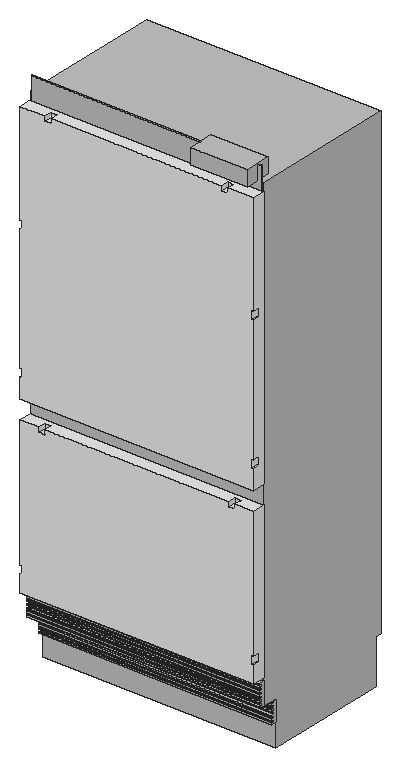
Revit family "FP_Revit_18_RS9120WRJ1_Fridge_90001179A", category Specialty Equipment, Revit 2018
Family settings
  Round Connector Dimension = Use Diameter
  Part Type = Normal
  OmniClass Number = 23.40.40.11.11.17
  OmniClass Title = Refrigerator-Freezer
  Work Plane-Based = No
  Always vertical = Yes
  Cut with Voids When Loaded = Yes
  Shared = No
  Room Calculation Point = No
Parameters
  Visibility - Visibility Control Note = yes
  Visibility - Clearance Required = yes
  URL = "www.fisherpaykel.com"
  Stainless Steel Door Panels (RD9120WR) = no
  Product - Width = 906 mm  # constant formula
  Product - Height = 2028 mm  # constant formula
  Product - Depth = 606 mm  # constant formula
  Model = "RS9120WRJ1"
  Material - Door Structure = Fisher & Paykel - White
  Material - Door Front = Fisher & Paykel - Stainless Steel
  Material - Body = Fisher & Paykel - Grey
  Manufacturer = "Fisher & Paykel Appliances"
  Handle Style - Contemporary Square Fine Black (AHD5RD9120WB) = no
  Handle Style - Contemporary Square Fine (AHD5RD9120W) = no
  Handle Style - Contemporary Square (RS91W) = no
  Handle Style - Contemporary Round (25339 AHS-ASBI-B) = no
  Handle Offset = 870 mm  # constant formula
  Description = "91cm Integrated Refrigerator Freezer, Ice"
  Connector Description - Water = "13mm or 19mm BSP threaded water connection 6.35mm tubing"
  Connector Description - Electrical = "230 V, 50Hz, 10 A, fused electrical supply"
  Chassis - Width = 890 mm  # constant formula
  Chassis - Height = 1970 mm  # constant formula
  Chassis - Depth = 606 mm  # constant formula
  Cavity - Width = 914 mm  # constant formula
  Cavity - Height = 2032 mm  # constant formula
  Cavity - Depth = 635 mm  # constant formula
Reference planes
  plane 1 "Datum": y = 0
  plane 2: z = 0
  plane 3 "Center (Left/Right)": x = 0
  plane 4 "Cavity - Depth": y = 635
  plane 5 "Product - Depth": y = 606
  plane 6 "Cavity - Height": z = 2032
  plane 7 "Door Panel 18mm": y = -18
  plane 8 "Product - RHS": x = 453
  plane 9 "Product - LHS": x = -453
  plane 10 "Product - Height": z = 2028
  plane 11 "Cavity - RHS": x = 457
  plane 12 "Cavity - LHS": x = -457
  plane 13 "Handle Offset": x = -388
Forms (mm)
  Extrusion 1, solid, material "Fisher & Paykel - Clearance Required", visible <- "Visibility - Clearance Required", detail levels coarse
    sketch origin (0, 0, 0) x (1, 0, 0) y (0, 1, 0)
      loop
        line (-457, 635) -> (-457, 0) -> (457, 0) -> (457, 635) -> (-457, 635)
    from 0 to 2032
  Extrusion 2, solid, material "Fisher & Paykel - Clearance Required", visible <- "Visibility - Clearance Required", detail levels coarse
    sketch origin (0, 0, 0) x (1, 0, 0) y (0, 1, 0)
      loop
        arc (-453, -18) -> (-45.989, -808.668) -> (841.563, -864.024) r 900.279
        line (841.563, -864.024) -> (817.765, -812.207) -> (854.623, -795.279) -> (848.228, -781.355) -> (811.37, -798.283) -> (453, -18) -> (-453, -18)
    from 877.998 to 2032
  Extrusion 3, solid, material "Fisher & Paykel - White" <- "Material - Door Structure"
    sketch origin (0, 0, 0) x (1, 0, 0) y (0, 0, 1)
      loop
        line (-445, 1939.998) -> (-445, 938.998) -> (445, 938.998) -> (445, 1939.998) -> (-445, 1939.998)
      loop
        line (-445, 867.998) -> (-445, 276.998) -> (445, 276.998) -> (445, 867.998) -> (-445, 867.998)
    from -50 to 0
  Extrusion 4, solid, material "Fisher & Paykel - Grey" <- "Material - Body"
    sketch origin (0, 0, 0) x (0, 1, 0) y (0, 0, 1)
      loop
        line (50, 181.998) -> (106, 181.998) -> (106, 12.998) -> (584, 12.998) -> (584, 181.998) -> (606, 181.998) -> (606, 1970) -> (50, 1970) -> (50, 181.998)
    from -445 to 445
  Extrusion 5, solid, material "Fisher & Paykel - Grey" <- "Material - Body", detail levels fine
    sketch origin (0, 0, 0) x (0, 1, 0) y (0, 0, 1)
      loop
        line (106, 176.998) -> (96, 176.998) -> (96, 170.998) -> (88, 170.998) -> (88, 165.998) -> (96, 165.998) -> (96, 157.998) -> (88, 157.998) -> (88, 152.998) -> (96, 152.998) -> (96, 144.998) -> (88, 144.998) -> (88, 139.998) -> (96, 139.998) -> (96, 131.998) -> (88, 131.998) -> (88, 126.998) -> (96, 126.998) -> (96, 118.998) -> (88, 118.998) -> (88, 113.998) -> (96, 113.998) -> (96, 105.998) -> (88, 105.998) -> (88, 100.998) -> (106, 100.998) -> (106, 176.998)
      loop
        line (32, 265.998) -> (32, 259.998) -> (40, 259.998) -> (40, 251.998) -> (32, 251.998) -> (32, 246.998) -> (40, 246.998) -> (40, 238.998) -> (32, 238.998) -> (32, 233.998) -> (40, 233.998) -> (40, 225.998) -> (32, 225.998) -> (32, 220.998) -> (40, 220.998) -> (40, 212.998) -> (32, 212.998) -> (32, 207.998) -> (40, 207.998) -> (40, 199.998) -> (32, 199.998) -> (32, 194.998) -> (40, 194.998) -> (40, 186.998) -> (32, 186.998) -> (32, 181.998) -> (50, 181.998) -> (50, 265.998) -> (32, 265.998)
    from -445 to 445
  Extrusion 6, void
    sketch origin (0, 0, 0) x (1, 0, 0) y (0, 0, 1)
      loop
        line (-373.5, 867.998) -> (-373.5, 851.998) -> (-350.5, 851.998) -> (-350.5, 867.998) -> (-373.5, 867.998)
      loop
        line (350.5, 867.998) -> (350.5, 851.998) -> (373.5, 851.998) -> (373.5, 867.998) -> (350.5, 867.998)
      loop
        line (445, 372.998) -> (437.8, 372.998) -> (437.8, 342.998) -> (445, 342.998) -> (445, 372.998)
      loop
        line (326.25, 1939.998) -> (326.25, 1923.398) -> (349.25, 1923.398) -> (349.25, 1939.998) -> (326.25, 1939.998)
      loop
        line (-349.25, 1939.998) -> (-349.25, 1923.398) -> (-326.184, 1923.398) -> (-326.184, 1939.998) -> (-349.25, 1939.998)
      loop
        line (445, 1522.498) -> (445, 1552.498) -> (437.8, 1552.498) -> (437.8, 1522.498) -> (445, 1522.498)
      loop
        line (437.8, 1044.998) -> (437.8, 1014.998) -> (445, 1014.998) -> (445, 1044.998) -> (437.8, 1044.998)
      loop
        line (-445, 372.998) -> (-445, 342.998) -> (-437.8, 342.998) -> (-437.8, 372.998) -> (-445, 372.998)
      loop
        line (-445, 1522.498) -> (-437.8, 1522.498) -> (-437.8, 1552.498) -> (-445, 1552.498) -> (-445, 1522.498)
      loop
        line (-437.8, 1044.998) -> (-445, 1044.998) -> (-445, 1014.998) -> (-437.8, 1014.998) -> (-437.8, 1044.998)
    from -27.955 to 0
  Extrusion 7, solid, material "Fisher & Paykel - Grey" <- "Material - Body", detail levels medium+fine
    sketch origin (0, 0, 0) x (1, 0, 0) y (0, 0, 1)
      loop
        line (205, 2027.998) -> (205, 1969.998) -> (422, 1969.998) -> (422, 2027.998) -> (205, 2027.998)
    from -98 to 0
  Extrusion 8, solid, material "Fisher & Paykel - Grey" <- "Material - Body", detail levels medium+fine
    sketch origin (0, 0, 0) x (1, 0, 0) y (0, 0, 1)
      loop
        line (439, 2027.998) -> (422, 2027.998) -> (422, 1969.998) -> (205, 1969.998) -> (205, 2027.998) -> (-439, 2027.998) -> (-439, 1939.998) -> (439, 1939.998) -> (439, 2027.998)
    from -48 to -46
  Extrusion 9, solid, material "Fisher & Paykel - Stainless Steel" <- "Material - Door Front", visible <- "Stainless Steel Door Panels (RD9120WR)"
    sketch origin (0, 0, 0) x (1, 0, 0) y (0, 0, 1)
      loop
        line (-453, 2027.998) -> (-453, 877.998) -> (453, 877.998) -> (453, 2027.998) -> (-453, 2027.998)
      loop
        line (453, 873.998) -> (-453, 873.998) -> (-453, 101.998) -> (453, 101.998) -> (453, 873.998)
    from 0 to 18
  Extrusion 10, solid, material "Fisher & Paykel - Clearance Required", visible <- "Visibility - Clearance Required", detail levels coarse
    sketch origin (0, 0, 0) x (0, 1, 0) y (0, 0, 1)
      loop
        line (-18, 873.998) -> (-382, 873.998) -> (-382, 808.976) -> (-424, 808.976) -> (-424, 792.976) -> (-382, 792.976) -> (-382, 101.998) -> (-18, 101.998) -> (-18, 873.998)
    from -457 to 457
  Extrusion 11, solid, material "Fisher & Paykel - Grey" <- "Material - Body", detail levels medium+fine
    sketch origin (0, 0, 0) x (0, 1, 0) y (0, 0, 1)
      loop
        arc (115.288, 12.998) -> (136, 0) -> (156.712, 12.998) r 23.002
        line (156.712, 12.998) -> (115.288, 12.998)
      loop
        arc (518.288, 12.998) -> (539, 0) -> (559.712, 12.998) r 23.002
        line (559.712, 12.998) -> (518.288, 12.998)
    from 401.5 to 428.5
  Extrusion 12, solid, material "Fisher & Paykel - Grey" <- "Material - Body", detail levels medium+fine
    sketch origin (0, 0, 0) x (0, 1, 0) y (0, 0, -1)
      loop
        line (115.288, -12.998) -> (156.712, -12.998)
        arc (156.712, -12.998) -> (136, 0) -> (115.288, -12.998) r 23.002
      loop
        line (518.288, -12.998) -> (559.712, -12.998)
        arc (559.712, -12.998) -> (539, 0) -> (518.288, -12.998) r 23.002
    from 401.5 to 428.5
  Extrusion 13, solid, material "Fisher & Paykel - Grey" <- "Material - Body", detail levels medium+fine
    sketch origin (0, 0, 0) x (1, 0, 0) y (0, 0, 1)
      loop
        circle (300, 75) r 4
      loop
        circle (-300, 75) r 4
    from -606 to -584
  Extrusion 14, void
    sketch origin (0, 0, 0) x (1, 0, 0) y (0, 1, 0)
      loop
        line (-457, 0) -> (-457, -18) -> (457, -18) -> (457, 0) -> (-457, 0)
    from 0 to 2032
  Extrusion 15, void
    sketch origin (0, 0, 0) x (1, 0, 0) y (0, 1, 0)
      loop
        line (-457, 635) -> (-457, 0) -> (457, 0) -> (457, 635) -> (-457, 635)
    from 0 to 2032
Cuts and joins
  Extrusion 6 cuts Extrusion 2
  Extrusion 6 cuts Extrusion 3
Lines and regions (mm)
  model lines, style "Fisher & Paykel"
    curve 1: line (-453, 0, 2027.998) -> (453, 0, 2027.998)
    curve 2: line (-453, 0, 877.998) -> (-453, 0, 2027.998)
    curve 3: line (453, 0, 877.998) -> (-453, 0, 877.998)
    curve 4: line (453, 0, 2027.998) -> (453, 0, 877.998)
    curve 5: line (453, 0, 873.998) -> (-453, 0, 873.998)
    curve 6: line (453, 0, 101.998) -> (453, 0, 873.998)
    curve 7: line (-453, 0, 101.998) -> (453, 0, 101.998)
    curve 8: line (-453, 0, 873.998) -> (-453, 0, 101.998)
  model lines, style "Fisher & Paykel", not visible
    curve 9: line (-453, 0, 2027.998) -> (453, 0, 2027.998)
    curve 10: line (-453, 0, 877.998) -> (-453, 0, 2027.998)
    curve 11: line (453, 0, 877.998) -> (-453, 0, 877.998)
    curve 12: line (453, 0, 2027.998) -> (453, 0, 877.998)
    curve 13: line (453, 0, 873.998) -> (-453, 0, 873.998)
    curve 14: line (453, 0, 101.998) -> (453, 0, 873.998)
    curve 15: line (-453, 0, 101.998) -> (453, 0, 101.998)
    curve 16: line (-453, 0, 873.998) -> (-453, 0, 101.998)
Text (mm)
  text "Due to ongoing product development, product details are subject to change without notice. \nPlease always refer to www.fisherpaykel.com for the most current product information. \n© Fisher & Paykel 2020" at (41.04, -623.295, 0), in view "Ref. Level (Plan)"
Dimensions and locks
  "Chassis - Width": Extrusion 4 to Extrusion 4
  equal spacing: plane 9 "Product - LHS", plane 3 "Center (Left/Right)", plane 8 "Product - RHS"
  "Product - Width": plane 9 "Product - LHS" to plane 8 "Product - RHS"
  "Cavity - Height": plane 6 "Cavity - Height" to level
  "Product - Height": plane 10 "Product - Height" to level
  equal spacing: plane 12 "Cavity - LHS", plane 3 "Center (Left/Right)", plane 11 "Cavity - RHS"
  "Cavity - Width": plane 12 "Cavity - LHS" to plane 11 "Cavity - RHS"
  "Chassis - Depth": plane 5 "Product - Depth" to plane 1 "Datum"
  "Cavity - Depth": plane 4 "Cavity - Depth" to plane 1 "Datum"
  plane 5 "Product - Depth" to plane 7 "Door Panel 18mm" = 624 mm
  locked: plane 7 "Door Panel 18mm" to plane 1 "Datum" at 18
  plane 13 "Handle Offset" to plane 9 "Product - LHS" = 65 mm
  "Chassis - Height": Extrusion 4 to level
  aligned and locked: level to plane 2
  aligned and locked: plane 6 "Cavity - Height" to Extrusion 1
  aligned and locked: Extrusion 8 sketch curve to Extrusion 8 sketch curve
Automatic sketch dimensions
  plane 1 "Datum" to Extrusion 1 sketch curve = 0 mm
  Extrusion 1 sketch curve to plane 12 "Cavity - LHS" = 0 mm
  Extrusion 1 sketch curve to plane 11 "Cavity - RHS" = 0 mm
  Extrusion 1 sketch curve to plane 4 "Cavity - Depth" = 0 mm
  Extrusion 2 sketch curve to plane 7 "Door Panel 18mm" = 0 mm
  plane 9 "Product - LHS" to Extrusion 2 sketch curve = 0 mm
  Extrusion 2 sketch curve to plane 8 "Product - RHS" = 6.483 mm
  plane 8 "Product - RHS" to Extrusion 2 sketch curve = 0 mm
  plane 11 "Cavity - RHS" to Extrusion 2 sketch curve = 354.37 mm
  Extrusion 2 sketch curve to Extrusion 2 sketch curve = 6.395 mm  (x2)
  Extrusion 2 sketch curve to Extrusion 2 sketch curve = 23.799 mm
  Extrusion 2 sketch curve to Extrusion 2 sketch curve = 36.858 mm
  Extrusion 2 sketch curve to plane 7 "Door Panel 18mm" = 37.049 mm
  Extrusion 3 sketch curve to plane 9 "Product - LHS" = 8 mm  (x2)
  Extrusion 3 sketch curve to plane 8 "Product - RHS" = 8 mm  (x2)
  level to Extrusion 3 sketch curve = 276.998 mm
  Extrusion 3 sketch curve to Extrusion 3 sketch curve = 591 mm
  Extrusion 3 sketch curve to Extrusion 3 sketch curve = 71 mm
  Extrusion 3 sketch curve to plane 10 "Product - Height" = 88.002 mm
  Extrusion 4 sketch curve to plane 5 "Product - Depth" = 0 mm
  Extrusion 4 sketch curve to plane 5 "Product - Depth" = 22 mm
  level to Extrusion 4 sketch curve = 12.998 mm
  Extrusion 4 sketch curve to plane 1 "Datum" = 106 mm
  Extrusion 4 sketch curve to plane 1 "Datum" = 50 mm
  Extrusion 4 sketch curve to Extrusion 4 sketch curve = 169 mm  (x2)
  Extrusion 4 sketch curve to plane 10 "Product - Height" = 58 mm
  Extrusion 5 sketch curve to plane 1 "Datum" = 32 mm  (x2)
  Extrusion 5 sketch curve to Extrusion 5 sketch curve = 0 mm  (x19)
  Extrusion 5 sketch curve to Extrusion 5 sketch curve = 8 mm  (x14)
  Extrusion 5 sketch curve to Extrusion 5 sketch curve = 10 mm  (x2)
  Extrusion 5 sketch curve to Extrusion 5 sketch curve = 38 mm
  level to Extrusion 5 sketch curve = 100.998 mm
  Extrusion 5 sketch curve to Extrusion 5 sketch curve = 5 mm  (x12)
  Extrusion 5 sketch curve to Extrusion 5 sketch curve = 6 mm  (x2)
  Extrusion 5 sketch curve to Extrusion 5 sketch curve = 11 mm
  Extrusion 6 sketch curve to plane 9 "Product - LHS" = 8 mm  (x3)
  Extrusion 6 sketch curve to Extrusion 6 sketch curve = 7.2 mm  (x6)
  plane 13 "Handle Offset" to Extrusion 6 sketch curve = 14.5 mm
  Extrusion 6 sketch curve to Extrusion 6 sketch curve = 23 mm  (x3)
  plane 13 "Handle Offset" to Extrusion 6 sketch curve = 38.75 mm
  Extrusion 6 sketch curve to Extrusion 6 sketch curve = 23.066 mm
  Extrusion 6 sketch curve to plane 8 "Product - RHS" = 126.75 mm
  Extrusion 6 sketch curve to plane 8 "Product - RHS" = 102.5 mm
  Extrusion 6 sketch curve to plane 8 "Product - RHS" = 15.2 mm  (x3)
  level to Extrusion 6 sketch curve = 342.998 mm  (x2)
  Extrusion 6 sketch curve to Extrusion 6 sketch curve = 30 mm  (x6)
  Extrusion 6 sketch curve to Extrusion 6 sketch curve = 479 mm  (x2)
  Extrusion 6 sketch curve to Extrusion 6 sketch curve = 16 mm  (x2)
  Extrusion 6 sketch curve to Extrusion 6 sketch curve = 147 mm  (x2)
  Extrusion 6 sketch curve to Extrusion 6 sketch curve = 477.5 mm  (x2)
  Extrusion 6 sketch curve to plane 10 "Product - Height" = 104.602 mm  (x2)
  Extrusion 6 sketch curve to Extrusion 6 sketch curve = 16.6 mm  (x2)
  Extrusion 7 sketch curve to plane 10 "Product - Height" = 58.002 mm
  plane 3 "Center (Left/Right)" to Extrusion 7 sketch curve = 205 mm
  Extrusion 7 sketch curve to plane 8 "Product - RHS" = 31 mm
  Extrusion 7 sketch curve to plane 10 "Product - Height" = 0.002 mm
  Extrusion 8 sketch curve to plane 9 "Product - LHS" = 14 mm
  Extrusion 8 sketch curve to plane 10 "Product - Height" = 0.002 mm
  plane 3 "Center (Left/Right)" to Extrusion 8 sketch curve = 205 mm
  Extrusion 8 sketch curve to plane 8 "Product - RHS" = 31 mm
  Extrusion 8 sketch curve to plane 8 "Product - RHS" = 14 mm
  Extrusion 8 sketch curve to Extrusion 8 sketch curve = 58 mm
  Extrusion 8 sketch curve to Extrusion 8 sketch curve = 88 mm
  plane 9 "Product - LHS" to Extrusion 9 sketch curve = 0 mm  (x2)
  plane 8 "Product - RHS" to Extrusion 9 sketch curve = 0 mm  (x2)
  level to Extrusion 9 sketch curve = 101.998 mm
  Extrusion 9 sketch curve to Extrusion 9 sketch curve = 772 mm
  Extrusion 9 sketch curve to Extrusion 9 sketch curve = 4 mm
  Extrusion 9 sketch curve to plane 10 "Product - Height" = 0.002 mm
  Extrusion 10 sketch curve to plane 7 "Door Panel 18mm" = 0 mm
  Extrusion 10 sketch curve to Extrusion 10 sketch curve = 364 mm
  Extrusion 10 sketch curve to Extrusion 10 sketch curve = 0 mm
  Extrusion 10 sketch curve to Extrusion 10 sketch curve = 42 mm
  level to Extrusion 10 sketch curve = 101.998 mm
  Extrusion 10 sketch curve to Extrusion 10 sketch curve = 690.978 mm
  Extrusion 10 sketch curve to Extrusion 10 sketch curve = 16 mm
  Extrusion 10 sketch curve to Extrusion 10 sketch curve = 65.022 mm
  level to Extrusion 11 sketch curve = 12.998 mm  (x2)
  Extrusion 11 sketch curve to plane 1 "Datum" = 115.288 mm
  Extrusion 11 sketch curve to Extrusion 11 sketch curve = 20.712 mm  (x2)
  Extrusion 11 sketch curve to plane 5 "Product - Depth" = 87.712 mm
  level to Extrusion 11 sketch curve = 23.002 mm  (x2)
  level to Extrusion 12 sketch curve = 12.998 mm  (x2)
  Extrusion 12 sketch curve to plane 1 "Datum" = 115.288 mm
  Extrusion 12 sketch curve to Extrusion 12 sketch curve = 20.712 mm  (x2)
  Extrusion 12 sketch curve to plane 5 "Product - Depth" = 87.712 mm
  level to Extrusion 12 sketch curve = 23.002 mm  (x2)
  plane 13 "Handle Offset" to Extrusion 13 sketch curve = 88 mm
  level to Extrusion 13 sketch curve = 75 mm  (x2)
  Extrusion 13 sketch curve to plane 8 "Product - RHS" = 153 mm
  Extrusion 14 sketch curve to plane 7 "Door Panel 18mm" = 0 mm
  Extrusion 14 sketch curve to plane 12 "Cavity - LHS" = 0 mm
  Extrusion 14 sketch curve to plane 11 "Cavity - RHS" = 0 mm
  plane 1 "Datum" to Extrusion 14 sketch curve = 0 mm
  plane 1 "Datum" to Extrusion 15 sketch curve = 0 mm
  Extrusion 15 sketch curve to plane 12 "Cavity - LHS" = 0 mm
  Extrusion 15 sketch curve to plane 11 "Cavity - RHS" = 0 mm
  Extrusion 15 sketch curve to plane 4 "Cavity - Depth" = 0 mm
  radius of Extrusion 13 sketch curve = 4 mm  (x2)
Nested families
  nested 1: "F&P Handle Kit - Contemporary Square - Horizontal" at (0, -18, 800.998), visible <- "Handle Style - Contemporary Square (RS91W)", type "RS91W - Contemporary square handle (2 of 2) (Horizontal) 727mm"
  nested 2: "F&P Handle Kit - Contemporary Square - Vertical" at (-388.02, -18, 1306.498), visible <- "Handle Style - Contemporary Square (RS91W)", type "RS91W - Contemporary square handle (1 of 2) (Vertical) 727mm"
  nested 3: "F&P Handle Kit - Contemporary Square Fine - Horizontal" at (0, -18, 801.002), visible <- "Handle Style - Contemporary Square Fine (AHD5RD9120W)", type "AHD5RD9120W - Contemporary square fine handle (2 of 2) (Horizontal) 746mm"
  nested 4: "F&P Handle Kit - Contemporary Square Fine - Vertical" at (-388.02, -18, 1306.498), visible <- "Handle Style - Contemporary Square Fine (AHD5RD9120W)", type "AHD5RD9120W - Contemporary square fine handle (1 of 2) (Vertical) 727mm"
  nested 5: "F&P Handle Kit - Contemporary Square Fine - Horizontal" at (0, -18, 801.002), visible <- "Handle Style - Contemporary Square Fine Black (AHD5RD9120WB)", type "AHD5RD9120WB - Contemporary square fine handle (2 of 2) (Horizontal) 746mm"
  nested 6: "F&P Handle Kit - Contemporary Square Fine - Vertical" at (-388.02, -18, 1306.498), visible <- "Handle Style - Contemporary Square Fine Black (AHD5RD9120WB)", type "AHD5RD9120WB - Contemporary square fine handle (1 of 2) (Vertical) 727mm"
  nested 7: "F&P Handle Kit - Contemporary Round - Horizontal" at (0, -18, 801.002), visible <- "Handle Style - Contemporary Round (25339 AHS-ASBI-B)", type "25339 AHS-ASBI-B - Contemporary round handle (2 of 2) (Horizontal) 746mm"
  nested 8: "F&P Handle Kit - Contemporary Round - Vertical" at (-388.02, -18, 1306.498), visible <- "Handle Style - Contemporary Round (25339 AHS-ASBI-B)", type "25339 AHS-ASBI-B - Contemporary round handle (1 of 2) (Vertical) 727mm"
  nested 9: "Visibility Control Note 18" at (0, 0, 0), visible <- "Visibility - Visibility Control Note", type "Visibility Control Note 18"
Connectors
  electrical at (300, 606, 75), driven by "Connector Description - Electrical"
    settings: on Extrusion 13, index 1, voltage 230 V, apparent load 0 VA, apparent load phase1 0 VA, apparent load phase2 0 VA, apparent load phase3 0 VA, power factor 1, load classification "Other", number of poles 1, system type 30, power factor state 1, is connector primary yes, connector utility no, sub classification motor no, connector description "230 V, 50Hz, 10 A, fused electrical supply"
  piping at (-300, 606, 75), diameter 6, driven by "Connector Description - Water"
    settings: on Extrusion 13, index 2, connector inside diameter 609.6 mm, connector length 0 mm, flow factor 0, pipe flow 0.0 L/s, pressure drop 0.0 Pa, fitting loss kfactor 0, connector angle 0.00°, fixture units 0, engagement length 0 mm, angle of deflection 0.00°, flow configuration 0, flow direction 1, fitting loss method 0, system type 20, joint type 0, gender type 0, connector reference index -1, connector utility 0, adjustable connector no, is connector primary yes, connector description "13mm or 19mm BSP threaded water connection 6.35mm tubing"
Definition of nested family "F&P Handle Kit - Contemporary Square - Horizontal"
  Parameters (values of type "RS91W - Contemporary square handle (2 of 2) (Horizontal) 727mm")
    URL = "www.fisherpaykel.com"
    Material - Handle = none
    Manufacturer = "Fisher & Paykel Appliances"
    Handle - Length = 727 mm
  Types (12, lengths in mm): name | Handle - Length
    (no name) | 727
    AHD3RD2484W - Contemporary square handle (2 of 2) (Horizontal) 494mm | 494
    AHD3RD3084W - Contemporary square handle (2 of 2) (Horizontal) 646mm | 646
    AHD3RS3272A - Contemporary square handle (2 of 2) (Horizontal) 646mm | 646
    AHD3RS80A - Contemporary square handle (2 of 2) (Horizontal) 646mm | 646
    AHD3RD6121W - Contemporary square handle (2 of 2) (Horizontal) 494mm | 494
    AHD3RD7621W - Contemporary square handle (2 of 2) (Horizontal) 646mm | 646
    RS36A - Contemporary square handle (2 of 2) (Horizontal) 746mm | 746
    RS90A - Contemporary square handle (2 of 2) (Horizontal) 746mm | 746
    RS36W - Contemporary square handle (2 of 2) (Horizontal) 727mm | 727
    RS36WC - Contemporary square handle (2 of 2) (Horizontal) 727mm | 727
    RS91W - Contemporary square handle (2 of 2) (Horizontal) 727mm | 727
  Reference planes
    plane 1 "Center (Front/Back)": y = 0
    plane 2: z = 0
    plane 3 "Center (Left/Right)": x = 0
    plane 4 "Product LHS": x = -363.5
    plane 5 "Product RHS": x = 363.5
    plane 6 "LHS Standoff": x = -243.495
    plane 7 "RHS Standoff": x = 243.505
  Forms (mm)
    Extrusion 1, solid, material <- "Material - Handle", detail levels fine
      sketch origin (0, 0, 0) x (0, 1, 0) y (0, 0, 1)
        loop
          arc (-28.701, 7.561) -> (-29.057, 7.868) -> (-29.514, 7.978) r 1
          line (-29.514, 7.978) -> (-40.5, 7.978)
          arc (-40.5, 7.978) -> (-41.561, 7.539) -> (-42, 6.478) r 1.5
          line (-42, 6.478) -> (-42, -6.522)
          arc (-42, -6.522) -> (-41.561, -7.583) -> (-40.5, -8.022) r 1.5
          line (-40.5, -8.022) -> (-29.487, -8.022)
          arc (-29.487, -8.022) -> (-29.029, -7.911) -> (-28.673, -7.602) r 1
          arc (-28.673, -7.602) -> (-26.256, -0.016) -> (-28.701, 7.561) r 13.038
      from -363.5 to 363.5
    Extrusion 2, solid, material <- "Material - Handle", detail levels fine
      sketch origin (0, 0, 0) x (0, 1, 0) y (0, 0, 1)
        loop
          arc (-28.23, 7.062) -> (-26.156, 0.008) -> (-28.198, -7.056) r 13.136
          arc (-28.198, -7.056) -> (-28.21, -7.463) -> (-27.86, -7.67) r 0.4
          line (-27.86, -7.67) -> (0, -7.67) -> (0, 7.678) -> (-27.893, 7.678)
          arc (-27.893, 7.678) -> (-28.244, 7.47) -> (-28.23, 7.062) r 0.4
      from 243.505 to 363.5
    Extrusion 3, solid, material <- "Material - Handle", detail levels fine
      sketch origin (0, 0, 0) x (0, 1, 0) y (0, 0, -1)
        loop
          arc (-28.23, -7.062) -> (-28.244, -7.47) -> (-27.893, -7.678) r 0.4
          line (-27.893, -7.678) -> (0, -7.678) -> (0, 7.67) -> (-27.86, 7.67)
          arc (-27.86, 7.67) -> (-28.21, 7.463) -> (-28.198, 7.056) r 0.4
          arc (-28.198, 7.056) -> (-26.156, -0.008) -> (-28.23, -7.062) r 13.136
      from 243.495 to 363.5
    Sweep 4, void
      path in 3D
        loop
          line (363.5, -29.514, 7.978) -> (363.5, -40.5, 7.978)
          arc (363.5, -40.5, 7.978) -> (363.5, -41.561, 7.539) -> (363.5, -42, 6.478) r 1.5
          line (363.5, -42, 6.478) -> (363.5, -42, -6.522)
          arc (363.5, -42, -6.522) -> (363.5, -41.561, -7.583) -> (363.5, -40.5, -8.022) r 1.5
          line (363.5, -40.5, -8.022) -> (363.5, -29.487, -8.022)
      profile origin (363.5, -35.007, 7.978) x (1, 0, 0) y (0, 0, 1)
        loop
          line (0, 0) -> (-1.3, 0) -> (0, -1.3) -> (0, 0)
    Sweep 5, void
      path in 3D
        loop
          line (-363.5, -29.487, -8.022) -> (-363.5, -40.5, -8.022)
          arc (-363.5, -40.5, -8.022) -> (-363.5, -41.561, -7.583) -> (-363.5, -42, -6.522) r 1.5
          line (-363.5, -42, -6.522) -> (-363.5, -42, 6.478)
          arc (-363.5, -42, 6.478) -> (-363.5, -41.561, 7.539) -> (-363.5, -40.5, 7.978) r 1.5
          line (-363.5, -40.5, 7.978) -> (-363.5, -29.514, 7.978)
      profile origin (-363.5, -35.007, 7.978) x (-1, 0, 0) y (0, 0, 1)
        loop
          line (0, 0) -> (-1.3, 0) -> (0, -1.3) -> (0, 0)
    Extrusion 6, void
      sketch origin (0, 0, 0) x (1, 0, 0) y (0, 0, 1)
        loop
          line (363.5, 7.978) -> (362.2, 7.978) -> (363.5, 6.678) -> (363.5, 7.978)
        loop
          line (363.5, -8.022) -> (363.5, -6.722) -> (362.2, -8.022) -> (363.5, -8.022)
      from 0 to 40
    Extrusion 7, void
      sketch origin (0, 0, 0) x (1, 0, 0) y (0, 0, 1)
        loop
          line (-363.5, 7.978) -> (-363.5, 6.678) -> (-362.2, 7.978) -> (-363.5, 7.978)
        loop
          line (-363.5, -8.022) -> (-362.2, -8.022) -> (-363.5, -6.722) -> (-363.5, -8.022)
      from 0 to 40
    Extrusion 8, solid, material <- "Material - Handle", detail levels coarse+medium
      sketch origin (0, 0, 0) x (1, 0, 0) y (0, 1, 0)
        loop
          line (-363.5, -42) -> (363.5, -42) -> (363.5, 0) -> (243.505, 0) -> (243.505, -26.156) -> (-243.495, -26.156) -> (-243.495, 0) -> (-363.5, 0) -> (-363.5, -42)
      from -8.022 to 7.978
  Cuts and joins
    Sweep 4, Sweep 5, Extrusion 6, Extrusion 7 cuts Extrusion 1
    Extrusion 6 cuts Extrusion 2
    Extrusion 7 cuts Extrusion 3
  Lines and regions (mm)
    sketch lines
      curve 1: line (363.5, -29.514, 7.978) -> (363.5, -40.5, 7.978)
      curve 2: arc (363.5, -42, 6.478) -> (363.5, -41.561, 7.539) -> (363.5, -40.5, 7.978) r 1.5
      curve 3: line (363.5, -42, 6.478) -> (363.5, -42, -6.522)
      curve 4: arc (363.5, -40.5, -8.022) -> (363.5, -41.561, -7.583) -> (363.5, -42, -6.522) r 1.5
      curve 5: line (363.5, -40.5, -8.022) -> (363.5, -29.487, -8.022)
      curve 6: line (-363.5, -40.5, 7.978) -> (-363.5, -29.514, 7.978)
      curve 7: arc (-363.5, -40.5, 7.978) -> (-363.5, -41.561, 7.539) -> (-363.5, -42, 6.478) r 1.5
      curve 8: line (-363.5, -42, -6.522) -> (-363.5, -42, 6.478)
      curve 9: arc (-363.5, -42, -6.522) -> (-363.5, -41.561, -7.583) -> (-363.5, -40.5, -8.022) r 1.5
      curve 10: line (-363.5, -29.487, -8.022) -> (-363.5, -40.5, -8.022)
  Dimensions and locks
    equal spacing: plane 4 "Product LHS", plane 3 "Center (Left/Right)", plane 5 "Product RHS"
    "Handle - Length": plane 4 "Product LHS" to plane 5 "Product RHS"
    locked: plane 4 "Product LHS" to plane 6 "LHS Standoff" at 120.005
    locked: plane 7 "RHS Standoff" to plane 5 "Product RHS" at 119.995
    aligned and locked: level to plane 2
    aligned and locked: Extrusion 1 to plane 5 "Product RHS"
    aligned and locked: plane 4 "Product LHS" to Extrusion 1
    aligned and locked: Extrusion 2 to plane 5 "Product RHS"
    aligned and locked: plane 4 "Product LHS" to Extrusion 3
    aligned and locked: plane 4 "Product LHS" to Extrusion 8 sketch curve
    aligned and locked: Extrusion 8 sketch curve to plane 5 "Product RHS"
    aligned and locked: Extrusion 8 sketch curve to plane 7 "RHS Standoff"
    aligned and locked: plane 6 "LHS Standoff" to Extrusion 8 sketch curve
    aligned and locked: Extrusion 2 to plane 7 "RHS Standoff"
    aligned and locked: plane 6 "LHS Standoff" to Extrusion 3
  Automatic sketch dimensions
    Extrusion 1 sketch curve to level = 6.522 mm
    plane 1 "Center (Front/Back)" to Extrusion 1 sketch curve = 42 mm
    Extrusion 1 sketch curve to Extrusion 1 sketch curve = 1.5 mm  (x2)
    Extrusion 1 sketch curve to level = 0.04 mm
    Extrusion 1 sketch curve to Extrusion 1 sketch curve = 1.206 mm
    level to Extrusion 1 sketch curve = 6.978 mm
    Extrusion 1 sketch curve to Extrusion 1 sketch curve = 10.986 mm
    Extrusion 1 sketch curve to Extrusion 1 sketch curve = 11.013 mm
    Extrusion 1 sketch curve to Extrusion 1 sketch curve = 1 mm
    level to Extrusion 1 sketch curve = 6.478 mm
    Extrusion 1 sketch curve to Extrusion 1 sketch curve = 0 mm
    Extrusion 2 sketch curve to plane 1 "Center (Front/Back)" = 0 mm
    Extrusion 2 sketch curve to level = 7.67 mm
    Extrusion 2 sketch curve to Extrusion 2 sketch curve = 27.86 mm
    level to Extrusion 2 sketch curve = 7.678 mm
    Extrusion 2 sketch curve to Extrusion 2 sketch curve = 0.033 mm
    Extrusion 2 sketch curve to level = 0.022 mm
    Extrusion 2 sketch curve to Extrusion 2 sketch curve = 11.398 mm
    Extrusion 2 sketch curve to Extrusion 2 sketch curve = 0.4 mm  (x2)
    Extrusion 2 sketch curve to Extrusion 2 sketch curve = 0 mm
    Extrusion 3 sketch curve to plane 1 "Center (Front/Back)" = 0 mm
    Extrusion 3 sketch curve to level = 7.67 mm
    Extrusion 3 sketch curve to Extrusion 3 sketch curve = 27.86 mm
    level to Extrusion 3 sketch curve = 7.678 mm
    Extrusion 3 sketch curve to Extrusion 3 sketch curve = 0.033 mm
    Extrusion 3 sketch curve to level = 0.022 mm
    Extrusion 3 sketch curve to Extrusion 3 sketch curve = 11.398 mm
    Extrusion 3 sketch curve to Extrusion 3 sketch curve = 0.4 mm  (x2)
    Extrusion 3 sketch curve to Extrusion 3 sketch curve = 0 mm
    profile plane to Sweep 4 sketch curve = 0 mm
    Sweep 4 sketch curve to profile plane = 0 mm
    Sweep 4 sketch curve to profile plane = 1.3 mm
    profile plane to Sweep 4 sketch curve = 1.3 mm
    Sweep 5 sketch curve to profile plane = 0 mm  (x2)
    profile plane to Sweep 5 sketch curve = 1.3 mm
    Sweep 5 sketch curve to profile plane = 1.3 mm
    plane 5 "Product RHS" to Extrusion 6 sketch curve = 0 mm  (x2)
    Extrusion 6 sketch curve to Extrusion 6 sketch curve = 1.3 mm  (x4)
    Extrusion 6 sketch curve to level = 6.722 mm
    level to Extrusion 6 sketch curve = 6.678 mm
    plane 4 "Product LHS" to Extrusion 7 sketch curve = 0 mm  (x2)
    Extrusion 7 sketch curve to plane 4 "Product LHS" = 1.3 mm  (x2)
    Extrusion 7 sketch curve to level = 8.022 mm
    level to Extrusion 7 sketch curve = 6.678 mm
    Extrusion 7 sketch curve to Extrusion 7 sketch curve = 1.3 mm  (x2)
    plane 1 "Center (Front/Back)" to Extrusion 8 sketch curve = 0 mm  (x2)
    Extrusion 8 sketch curve to Extrusion 8 sketch curve = 26.156 mm
    Extrusion 8 sketch curve to Extrusion 8 sketch curve = 42 mm
Definition of nested family "F&P Handle Kit - Contemporary Square - Vertical"
  Parameters (values of type "RS91W - Contemporary square handle (1 of 2) (Vertical) 727mm")
    URL = "www.fisherpaykel.com"
    Material - Handle = none
    Manufacturer = "Fisher & Paykel Appliances"
    Handle - Length = 727 mm
  Types (14, lengths in mm): name | Handle - Length
    (no name) | 727
    AHD3-RD21 - Contemporary square handle (Vertical) 852mm | 852
    AHD3RD2484W - Contemporary square handle (1 of 2) (Vertical) 727mm | 727
    AHD3RD3084W - Contemporary square handle (1 of 2) (Vertical) 727mm | 727
    AHD3-RD84 - Contemporary square handle (Vertical) 852mm | 852
    AHD3RS3272A - Contemporary square handle (1 of 2) (Vertical) 727mm | 727
    AHD3RS80A - Contemporary square handle (1 of 2) (Vertical) 727mm | 727
    AHD3RD6121W - Contemporary square handle (1 of 2) (Vertical) 727mm | 727
    AHD3RD7621W - Contemporary square handle (1 of 2) (Vertical) 727mm | 727
    RS36A - Contemporary square handle (1 of 2) (Vertical) 727mm | 727
    RS90A - Contemporary square handle (1 of 2) (Vertical) 727mm | 727
    RS36W - Contemporary square handle (1 of 2) (Vertical) 727mm | 727
    RS36WC - Contemporary square handle (1 of 2) (Vertical) 727mm | 727
    RS91W - Contemporary square handle (1 of 2) (Vertical) 727mm | 727
  Reference planes
    plane 1 "Center (Front/Back)": y = 0
    plane 2: z = 0
    plane 3 "Center (Left/Right)": x = 0
    plane 4 "Top": z = 363.5
    plane 5 "Bottom": z = -363.5
    plane 6 "Top Standoff": z = 243.5
    plane 7 "Bottom Standoff": z = -243.5
  Forms (mm)
    Extrusion 1, solid, material <- "Material - Handle", detail levels fine
      sketch origin (0, 0, 0) x (1, 0, 0) y (0, 1, 0)
        loop
          arc (-7.583, -28.701) -> (-7.89, -29.057) -> (-8, -29.514) r 1
          line (-8, -29.514) -> (-8, -40.5)
          arc (-8, -40.5) -> (-7.561, -41.561) -> (-6.5, -42) r 1.5
          line (-6.5, -42) -> (6.5, -42)
          arc (6.5, -42) -> (7.561, -41.561) -> (8, -40.5) r 1.5
          line (8, -40.5) -> (8, -29.487)
          arc (8, -29.487) -> (7.889, -29.029) -> (7.58, -28.673) r 1
          arc (7.58, -28.673) -> (-0.006, -26.256) -> (-7.583, -28.701) r 13.038
      from -363.5 to 363.5
    Extrusion 2, solid, material <- "Material - Handle", detail levels fine
      sketch origin (0, 0, 0) x (1, 0, 0) y (0, 1, 0)
        loop
          arc (7.058, -28.23) -> (7.466, -28.244) -> (7.674, -27.893) r 0.4
          line (7.674, -27.893) -> (7.674, 0) -> (-7.674, 0) -> (-7.674, -27.86)
          arc (-7.674, -27.86) -> (-7.467, -28.21) -> (-7.06, -28.198) r 0.4
          arc (-7.06, -28.198) -> (0.004, -26.156) -> (7.058, -28.23) r 13.136
      from 243.5 to 363.5
    Extrusion 3, solid, material <- "Material - Handle", detail levels fine
      sketch origin (0, 0, 0) x (1, 0, 0) y (0, 1, 0)
        loop
          arc (7.058, -28.23) -> (7.466, -28.244) -> (7.674, -27.893) r 0.4
          line (7.674, -27.893) -> (7.674, 0) -> (-7.674, 0) -> (-7.674, -27.86)
          arc (-7.674, -27.86) -> (-7.467, -28.21) -> (-7.06, -28.198) r 0.4
          arc (-7.06, -28.198) -> (0.004, -26.156) -> (7.058, -28.23) r 13.136
      from -363.5 to -243.5
    Sweep 4, void
      path in 3D
        loop
          line (-8, -29.514, 363.5) -> (-8, -40.5, 363.5)
          arc (-8, -40.5, 363.5) -> (-7.561, -41.561, 363.5) -> (-6.5, -42, 363.5) r 1.5
          line (-6.5, -42, 363.5) -> (6.5, -42, 363.5)
          arc (6.5, -42, 363.5) -> (7.561, -41.561, 363.5) -> (8, -40.5, 363.5) r 1.5
          line (8, -40.5, 363.5) -> (8, -29.487, 363.5)
      profile origin (8, -34.994, 363.5) x (-1, 0, 0) y (0, 0, 1)
        loop
          line (0, 0) -> (0, -1.3) -> (1.3, 0) -> (0, 0)
    Sweep 5, void
      path in 3D
        loop
          line (8, -29.487, -363.5) -> (8, -40.5, -363.5)
          arc (8, -40.5, -363.5) -> (7.561, -41.561, -363.5) -> (6.5, -42, -363.5) r 1.5
          line (6.5, -42, -363.5) -> (-6.5, -42, -363.5)
          arc (-6.5, -42, -363.5) -> (-7.561, -41.561, -363.5) -> (-8, -40.5, -363.5) r 1.5
          line (-8, -40.5, -363.5) -> (-8, -29.514, -363.5)
      profile origin (8, -34.994, -363.5) x (-1, 0, 0) y (0, 0, -1)
        loop
          line (0, 0) -> (0, -1.3) -> (1.3, 0) -> (0, 0)
    Extrusion 6, void
      sketch origin (0, 0, 0) x (1, 0, 0) y (0, 0, 1)
        loop
          line (-8, -362.2) -> (-8, -363.5) -> (-6.7, -363.5) -> (-8, -362.2)
        loop
          line (8, -362.2) -> (6.7, -363.5) -> (8, -363.5) -> (8, -362.2)
      from 0 to 40
    Extrusion 7, void
      sketch origin (0, 0, 0) x (1, 0, 0) y (0, 0, 1)
        loop
          line (-8, 363.5) -> (-8, 362.2) -> (-6.7, 363.5) -> (-8, 363.5)
        loop
          line (8, 363.5) -> (6.7, 363.5) -> (8, 362.2) -> (8, 363.5)
      from 0 to 40
    Extrusion 8, solid, material <- "Material - Handle", detail levels coarse+medium
      sketch origin (0, 0, 0) x (0, 1, 0) y (0, 0, 1)
        loop
          line (0, 363.5) -> (-42, 363.5) -> (-42, -363.5) -> (0, -363.5) -> (0, -243.5) -> (-26.245, -243.5) -> (-26.245, 243.5) -> (0, 243.5) -> (0, 363.5)
      from -8 to 8
  Cuts and joins
    Sweep 4, Sweep 5, Extrusion 6, Extrusion 7 cuts Extrusion 1
    Extrusion 6 cuts Extrusion 3
    Extrusion 7 cuts Extrusion 2
  Lines and regions (mm)
    sketch lines
      curve 1: line (8, -40.5, 363.5) -> (8, -29.487, 363.5)
      curve 2: arc (8, -40.5, 363.5) -> (7.561, -41.561, 363.5) -> (6.5, -42, 363.5) r 1.5
      curve 3: line (-6.5, -42, 363.5) -> (6.5, -42, 363.5)
      curve 4: arc (-6.5, -42, 363.5) -> (-7.561, -41.561, 363.5) -> (-8, -40.5, 363.5) r 1.5
      curve 5: line (-8, -29.514, 363.5) -> (-8, -40.5, 363.5)
      curve 6: line (8, -29.487, -363.5) -> (8, -40.5, -363.5)
      curve 7: arc (6.5, -42, -363.5) -> (7.561, -41.561, -363.5) -> (8, -40.5, -363.5) r 1.5
      curve 8: line (6.5, -42, -363.5) -> (-6.5, -42, -363.5)
      curve 9: arc (-8, -40.5, -363.5) -> (-7.561, -41.561, -363.5) -> (-6.5, -42, -363.5) r 1.5
      curve 10: line (-8, -40.5, -363.5) -> (-8, -29.514, -363.5)
  Dimensions and locks
    equal spacing: plane 4 "Top", level, plane 5 "Bottom"
    "Handle - Length": plane 4 "Top" to plane 5 "Bottom"
    locked: plane 4 "Top" to plane 6 "Top Standoff" at 120
    locked: plane 7 "Bottom Standoff" to plane 5 "Bottom" at 120
    aligned and locked: level to plane 2
    aligned and locked: plane 4 "Top" to Extrusion 2
    aligned and locked: Extrusion 2 to plane 6 "Top Standoff"
    aligned and locked: plane 4 "Top" to Extrusion 1
    aligned and locked: Extrusion 1 to plane 5 "Bottom"
    aligned and locked: Extrusion 3 to plane 5 "Bottom"
    aligned and locked: plane 7 "Bottom Standoff" to Extrusion 3
    aligned and locked: plane 4 "Top" to Extrusion 8 sketch curve
    aligned and locked: plane 6 "Top Standoff" to Extrusion 8 sketch curve
    aligned and locked: plane 7 "Bottom Standoff" to Extrusion 8 sketch curve
    aligned and locked: plane 5 "Bottom" to Extrusion 8 sketch curve
    aligned and locked: plane 1 "Center (Front/Back)" to Extrusion 8 sketch curve  (x2)
  Automatic sketch dimensions
    Extrusion 1 sketch curve to plane 3 "Center (Left/Right)" = 8 mm
    Extrusion 1 sketch curve to Extrusion 1 sketch curve = 1 mm  (x2)
    Extrusion 1 sketch curve to Extrusion 1 sketch curve = 1.5 mm
    plane 3 "Center (Left/Right)" to Extrusion 1 sketch curve = 0.018 mm
    plane 3 "Center (Left/Right)" to Extrusion 1 sketch curve = 6.5 mm
    plane 3 "Center (Left/Right)" to Extrusion 1 sketch curve = 7 mm
    plane 1 "Center (Front/Back)" to Extrusion 1 sketch curve = 42 mm
    Extrusion 1 sketch curve to Extrusion 1 sketch curve = 1.206 mm
    Extrusion 1 sketch curve to Extrusion 1 sketch curve = 10.986 mm
    Extrusion 1 sketch curve to Extrusion 1 sketch curve = 11.013 mm
    Extrusion 1 sketch curve to Extrusion 1 sketch curve = 0 mm
    plane 1 "Center (Front/Back)" to Extrusion 2 sketch curve = 0 mm
    Extrusion 2 sketch curve to plane 3 "Center (Left/Right)" = 7.674 mm
    Extrusion 2 sketch curve to Extrusion 2 sketch curve = 0.4 mm  (x2)
    Extrusion 2 sketch curve to plane 3 "Center (Left/Right)" = 0.026 mm
    plane 3 "Center (Left/Right)" to Extrusion 2 sketch curve = 7.274 mm
    plane 1 "Center (Front/Back)" to Extrusion 2 sketch curve = 27.86 mm
    Extrusion 2 sketch curve to Extrusion 2 sketch curve = 0.033 mm
    Extrusion 2 sketch curve to Extrusion 2 sketch curve = 11.398 mm
    Extrusion 2 sketch curve to Extrusion 2 sketch curve = 0 mm
    plane 1 "Center (Front/Back)" to Extrusion 3 sketch curve = 0 mm
    Extrusion 3 sketch curve to Extrusion 3 sketch curve = 0.4 mm  (x2)
    Extrusion 3 sketch curve to Extrusion 3 sketch curve = 7.248 mm
    Extrusion 3 sketch curve to Extrusion 3 sketch curve = 7.3 mm
    plane 1 "Center (Front/Back)" to Extrusion 3 sketch curve = 27.86 mm
    Extrusion 3 sketch curve to Extrusion 3 sketch curve = 0.033 mm
    Extrusion 3 sketch curve to Extrusion 3 sketch curve = 11.398 mm
    Extrusion 3 sketch curve to Extrusion 3 sketch curve = 0 mm
    Sweep 4 sketch curve to profile plane = 0 mm  (x2)
    Sweep 4 sketch curve to profile plane = 1.3 mm  (x2)
    Sweep 5 sketch curve to profile plane = 0 mm  (x2)
    Sweep 5 sketch curve to profile plane = 1.3 mm  (x2)
    Extrusion 6 sketch curve to plane 5 "Bottom" = 0 mm  (x2)
    plane 5 "Bottom" to Extrusion 6 sketch curve = 1.3 mm  (x2)
    Extrusion 6 sketch curve to plane 3 "Center (Left/Right)" = 8 mm
    Extrusion 6 sketch curve to Extrusion 6 sketch curve = 1.3 mm  (x2)
    plane 3 "Center (Left/Right)" to Extrusion 6 sketch curve = 8 mm
    Extrusion 7 sketch curve to plane 4 "Top" = 0 mm  (x2)
    Extrusion 7 sketch curve to plane 3 "Center (Left/Right)" = 8 mm
    Extrusion 7 sketch curve to Extrusion 7 sketch curve = 1.3 mm  (x2)
    plane 3 "Center (Left/Right)" to Extrusion 7 sketch curve = 8 mm
    Extrusion 7 sketch curve to plane 4 "Top" = 1.3 mm  (x2)
    plane 1 "Center (Front/Back)" to Extrusion 8 sketch curve = 26.245 mm
    plane 1 "Center (Front/Back)" to Extrusion 8 sketch curve = 42 mm
    Extrusion 3 sketch curve to plane 3 "Center (Left/Right)" = 7.674 mm
Definition of nested family "F&P Handle Kit - Contemporary Square Fine - Horizontal"
  Parameters (values of type "AHD5RD9120WB - Contemporary square fine handle (2 of 2) (Horizontal) 746mm")
    URL = "www.fisherpaykel.com"
    Material - Handle = none
    Manufacturer = "Fisher & Paykel Appliances"
    Handle - Length = 746 mm
  Types (19, lengths in mm): name | Handle - Length
    (no name) | 746
    AHD5RD2484W - Contemporary square fine handle (2 of 2) (Horizontal) 494mm | 494
    AHD5RD2484WB - Contemporary square fine black handle (2 of 2) (Horizontal) 494mm | 494
    AHD5RD3084W - Contemporary square fine handle (2 of 2) (Horizontal) 646mm | 646
    AHD5RD3084WB - Contemporary square fine black handle (2 of 2) (Horizontal) 646mm | 646
    AHD5RD7621W - Contemporary square fine handle (2 of 2) (Horizontal) 646mm | 646
    AHD5RD7621WB - Contemporary square fine handle black (2 of 2) (Horizontal) 646mm | 646
    AHD5RD6121W - Contemporary square fine handle (2 of 2) (Horizontal) 494mm | 494
    AHD5RD6121WB - Contemporary square fine handle black (2 of 2) (Horizontal) 494mm | 494
    AHD5RD36A - Contemporary square fine handle (2 of 2) (Horizontal) 746mm | 746
    AHD5RD36AB - Contemporary square fine black handle (2 of 2) (Horizontal) 746mm | 746
    AHD5RD90A - Contemporary square fine handle (2 of 2) (Horizontal) 746mm | 746
    AHD5RD80A - Contemporary square fine handle (2 of 2) (Horizontal) 646mm | 646
    AHD5RD80AB - Contemporary square fine black handle (2 of 2) (Horizontal) 646mm | 646
    AHD5RD90AB - Contemporary square fine black handle (2 of 2) (Horizontal) 746mm | 746
    AHD5RD36W - Contemporary square fine handle (2 of 2) (Horizontal) 746mm | 746
    AHD5RD36WB - Contemporary square fine handle (2 of 2) (Horizontal) 746mm | 746
    AHD5RD9120W - Contemporary square fine handle (2 of 2) (Horizontal) 746mm | 746
    AHD5RD9120WB - Contemporary square fine handle (2 of 2) (Horizontal) 746mm | 746
  Reference planes
    plane 1 "Center (Front/Back)": y = 0
    plane 2: z = 0
    plane 3 "Center (Left/Right)": x = 0
    plane 4 "Product LHS": x = -373
    plane 5 "Product RHS": x = 373
    plane 6 "LHS Standoff": x = -252.995
    plane 7 "RHS Standoff": x = 253.005
  Forms (mm)
    Extrusion 1, solid, material <- "Material - Handle", detail levels fine
      sketch origin (0, 0, 0) x (0, 1, 0) y (0, 0, 1)
        loop
          arc (-26.813, 6.16) -> (-27.196, 6.554) -> (-27.728, 6.686) r 1
          line (-27.728, 6.686) -> (-40.035, 6.256)
          arc (-40.035, 6.256) -> (-40.719, 5.951) -> (-41, 5.257) r 1
          line (-41, 5.257) -> (-41, -5.257)
          arc (-41, -5.257) -> (-40.719, -5.951) -> (-40.035, -6.256) r 1
          line (-40.035, -6.256) -> (-27.709, -6.686)
          arc (-27.709, -6.686) -> (-27.175, -6.554) -> (-26.792, -6.158) r 1
          arc (-26.792, -6.158) -> (-25.256, 0.004) -> (-26.813, 6.16) r 13.038
      from -373 to 373
    Extrusion 2, solid, material <- "Material - Handle", detail levels fine
      sketch origin (0, 0, 0) x (0, 1, 0) y (0, 0, 1)
        loop
          arc (-26.626, -6.008) -> (-26.614, -6.49) -> (-26.2, -6.737) r 0.5
          line (-26.2, -6.737) -> (0, -7.696) -> (0, 7.704) -> (-26.174, 6.747)
          arc (-26.174, 6.747) -> (-26.587, 6.5) -> (-26.6, 6.019) r 0.5
          arc (-26.6, 6.019) -> (-25.156, 0.002) -> (-26.626, -6.008) r 13.136
      from 253.005 to 373
    Extrusion 3, solid, material <- "Material - Handle", detail levels coarse+medium
      sketch origin (0, 0, 0) x (1, 0, 0) y (0, 1, 0)
        loop
          line (-373, -42) -> (373, -42) -> (373, 0) -> (253.005, 0) -> (253.005, -26.156) -> (-252.995, -26.156) -> (-252.995, 0) -> (-373, 0) -> (-373, -42)
      from -8.022 to 7.978
    Extrusion 4, solid, material <- "Material - Handle", detail levels fine
      sketch origin (0, 0, 0) x (0, 1, 0) y (0, 0, 1)
        loop
          arc (-26.626, -6.008) -> (-26.614, -6.49) -> (-26.2, -6.737) r 0.5
          line (-26.2, -6.737) -> (0, -7.696) -> (0, 7.704) -> (-26.174, 6.747)
          arc (-26.174, 6.747) -> (-26.587, 6.5) -> (-26.6, 6.019) r 0.5
          arc (-26.6, 6.019) -> (-25.156, 0.002) -> (-26.626, -6.008) r 13.136
      from -373 to -252.995
  Dimensions and locks
    equal spacing: plane 4 "Product LHS", plane 3 "Center (Left/Right)", plane 5 "Product RHS"
    "Handle - Length": plane 4 "Product LHS" to plane 5 "Product RHS"
    locked: plane 4 "Product LHS" to plane 6 "LHS Standoff" at 120.005
    locked: plane 7 "RHS Standoff" to plane 5 "Product RHS" at 119.995
    aligned and locked: level to plane 2
    aligned and locked: Extrusion 1 to plane 5 "Product RHS"
    aligned and locked: plane 4 "Product LHS" to Extrusion 1
    aligned and locked: Extrusion 2 to plane 5 "Product RHS"
    aligned and locked: plane 4 "Product LHS" to Extrusion 3 sketch curve
    aligned and locked: Extrusion 3 sketch curve to plane 5 "Product RHS"
    aligned and locked: Extrusion 3 sketch curve to plane 7 "RHS Standoff"
    aligned and locked: plane 6 "LHS Standoff" to Extrusion 3 sketch curve
    aligned and locked: plane 4 "Product LHS" to Extrusion 4
    aligned and locked: plane 6 "LHS Standoff" to Extrusion 4
    aligned and locked: Extrusion 2 to plane 7 "RHS Standoff"
  Automatic sketch dimensions
    Extrusion 1 sketch curve to level = 5.257 mm
    plane 1 "Center (Front/Back)" to Extrusion 1 sketch curve = 41 mm
    level to Extrusion 1 sketch curve = 6.256 mm
    Extrusion 1 sketch curve to Extrusion 1 sketch curve = 0.965 mm  (x2)
    Extrusion 1 sketch curve to level = 6.256 mm
    Extrusion 1 sketch curve to Extrusion 1 sketch curve = 0.035 mm  (x3)
    Extrusion 1 sketch curve to level = 0.018 mm
    Extrusion 1 sketch curve to Extrusion 1 sketch curve = 1.706 mm
    level to Extrusion 1 sketch curve = 6.686 mm
    Extrusion 1 sketch curve to Extrusion 1 sketch curve = 12.307 mm
    Extrusion 1 sketch curve to level = 6.686 mm
    Extrusion 1 sketch curve to Extrusion 1 sketch curve = 12.326 mm
    Extrusion 1 sketch curve to Extrusion 1 sketch curve = 0.999 mm  (x2)
    Extrusion 1 sketch curve to Extrusion 1 sketch curve = 0 mm
    Extrusion 2 sketch curve to plane 1 "Center (Front/Back)" = 0 mm
    level to Extrusion 2 sketch curve = 6.247 mm
    plane 1 "Center (Front/Back)" to Extrusion 2 sketch curve = 26.155 mm
    level to Extrusion 2 sketch curve = 6.747 mm
    Extrusion 2 sketch curve to Extrusion 2 sketch curve = 0.018 mm  (x2)
    Extrusion 2 sketch curve to level = 6.238 mm
    Extrusion 2 sketch curve to Extrusion 2 sketch curve = 0.026 mm
    Extrusion 2 sketch curve to level = 6.737 mm
    level to Extrusion 2 sketch curve = 0.03 mm
    Extrusion 2 sketch curve to Extrusion 2 sketch curve = 12.11 mm
    Extrusion 2 sketch curve to level = 7.696 mm
    level to Extrusion 2 sketch curve = 7.704 mm
    Extrusion 2 sketch curve to Extrusion 2 sketch curve = 0 mm
    plane 1 "Center (Front/Back)" to Extrusion 3 sketch curve = 42 mm
    Extrusion 3 sketch curve to Extrusion 3 sketch curve = 15.844 mm
    Extrusion 3 sketch curve to Extrusion 3 sketch curve = 26.156 mm  (x2)
    level to Extrusion 4 sketch curve = 0.03 mm
    plane 1 "Center (Front/Back)" to Extrusion 4 sketch curve = 38.291 mm
    Extrusion 4 sketch curve to level = 6.737 mm
    Extrusion 4 sketch curve to Extrusion 4 sketch curve = 12.091 mm
    Extrusion 4 sketch curve to Extrusion 4 sketch curve = 0.018 mm  (x2)
    level to Extrusion 4 sketch curve = 6.747 mm
    Extrusion 4 sketch curve to Extrusion 4 sketch curve = 0.008 mm
    level to Extrusion 4 sketch curve = 7.704 mm
    Extrusion 4 sketch curve to Extrusion 4 sketch curve = 26.174 mm
    Extrusion 4 sketch curve to level = 7.696 mm
    Extrusion 4 sketch curve to Extrusion 4 sketch curve = 0.5 mm  (x2)
    Extrusion 4 sketch curve to Extrusion 4 sketch curve = 0 mm
Definition of nested family "F&P Handle Kit - Contemporary Square Fine - Vertical"
  Parameters (values of type "AHD5RD9120W - Contemporary square fine handle (1 of 2) (Vertical) 727mm")
    URL = "www.fisherpaykel.com"
    Material - Handle = none
    Manufacturer = "Fisher & Paykel Appliances"
    Handle - Length = 727 mm
  Types (18): name
    AHD5RD2484W - Contemporary square fine handle (1 of 2) (Vertical) 727mm
    AHD5RD2484WB - Contemporary square fine black handle (1 of 2) (Vertical) 727mm
    AHD5RD3084W - Contemporary square fine handle (1 of 2) (Vertical) 727mm
    AHD5RD3084WB - Contemporary square fine black handle (1 of 2) (Vertical) 727mm
    AHD5RD6121W - Contemporary square fine handle (1 of 2) (Vertical) 727mm
    AHD5RD6121WB - Contemporary square fine black handle (1 of 2) (Vertical) 727mm
    AHD5RD7621W - Contemporary square fine handle (1 of 2) (Vertical) 727mm
    AHD5RD7621WB - Contemporary square fine black handle (1 of 2) (Vertical) 727mm
    AHD5RD36A - Contemporary square fine handle (1 of 2) (Vertical) 727mm
    AHD5RD36AB - Contemporary square fine black handle (1 of 2) (Vertical) 727mm
    AHD5RD80A - Contemporary square fine handle (1 of 2) (Vertical) 727mm
    AHD5RD90A - Contemporary square fine handle (1 of 2) (Vertical) 727mm
    AHD5RD80AB - Contemporary square fine black handle (1 of 2) (Vertical) 727mm
    AHD5RD90AB - Contemporary square fine black handle (1 of 2) (Vertical) 727mm
    AHD5RD36W - Contemporary square fine handle (1 of 2) (Vertical) 727mm
    AHD5RD36WB - Contemporary square fine handle (1 of 2) (Vertical) 727mm
    AHD5RD9120WB - Contemporary square fine handle (1 of 2) (Vertical) 727mm
    AHD5RD9120W - Contemporary square fine handle (1 of 2) (Vertical) 727mm
  Reference planes
    plane 1 "Center (Front/Back)": y = 0
    plane 2: z = 0
    plane 3 "Center (Left/Right)": x = 0
    plane 4 "Top": z = 363.5
    plane 5 "Bottom": z = -363.5
    plane 6 "Top Standoff": z = 243.5
    plane 7 "Bottom Standoff": z = -243.5
  Forms (mm)
    Extrusion 1, solid, material <- "Material - Handle", detail levels fine
      sketch origin (0, 0, 0) x (1, 0, 0) y (0, 1, 0)
        loop
          arc (-6.16, -26.813) -> (-6.554, -27.196) -> (-6.686, -27.728) r 1
          line (-6.686, -27.728) -> (-6.256, -40.035)
          arc (-6.256, -40.035) -> (-5.951, -40.719) -> (-5.257, -41) r 1
          line (-5.257, -41) -> (5.257, -41)
          arc (5.257, -41) -> (5.951, -40.719) -> (6.256, -40.035) r 1
          line (6.256, -40.035) -> (6.686, -27.709)
          arc (6.686, -27.709) -> (6.554, -27.175) -> (6.158, -26.792) r 1
          arc (6.158, -26.792) -> (-0.004, -25.256) -> (-6.16, -26.813) r 13.038
      from -363.5 to 363.5
    Extrusion 2, solid, material <- "Material - Handle", detail levels fine
      sketch origin (0, 0, 0) x (1, 0, 0) y (0, 1, 0)
        loop
          arc (6.012, -26.626) -> (6.494, -26.614) -> (6.741, -26.2) r 0.5
          line (6.741, -26.2) -> (7.7, 0) -> (-7.7, 0) -> (-6.742, -26.174)
          arc (-6.742, -26.174) -> (-6.496, -26.587) -> (-6.015, -26.6) r 0.5
          arc (-6.015, -26.6) -> (0.002, -25.156) -> (6.012, -26.626) r 13.136
      from 243.5 to 363.5
    Extrusion 3, solid, material <- "Material - Handle", detail levels coarse+medium
      sketch origin (0, 0, 0) x (0, 1, 0) y (0, 0, 1)
        loop
          line (0, 363.5) -> (-42, 363.5) -> (-42, -363.5) -> (0, -363.5) -> (0, -243.5) -> (-26.245, -243.5) -> (-26.245, 243.5) -> (0, 243.5) -> (0, 363.5)
      from -8 to 8
    Extrusion 4, solid, material <- "Material - Handle", detail levels fine
      sketch origin (0, 0, 0) x (1, 0, 0) y (0, 1, 0)
        loop
          arc (6.012, -26.626) -> (6.494, -26.614) -> (6.741, -26.2) r 0.5
          line (6.741, -26.2) -> (7.7, 0) -> (-7.7, 0) -> (-6.742, -26.174)
          arc (-6.742, -26.174) -> (-6.496, -26.587) -> (-6.015, -26.6) r 0.5
          arc (-6.015, -26.6) -> (0.002, -25.156) -> (6.012, -26.626) r 13.136
      from -363.5 to -243.5
  Dimensions and locks
    equal spacing: plane 4 "Top", level, plane 5 "Bottom"
    "Handle - Length": plane 4 "Top" to plane 5 "Bottom"
    locked: plane 4 "Top" to plane 6 "Top Standoff" at 120
    locked: plane 7 "Bottom Standoff" to plane 5 "Bottom" at 120
    aligned and locked: level to plane 2
    aligned and locked: plane 4 "Top" to Extrusion 2
    aligned and locked: Extrusion 2 to plane 6 "Top Standoff"
    aligned and locked: plane 4 "Top" to Extrusion 1
    aligned and locked: Extrusion 1 to plane 5 "Bottom"
    aligned and locked: plane 4 "Top" to Extrusion 3 sketch curve
    aligned and locked: plane 6 "Top Standoff" to Extrusion 3 sketch curve
    aligned and locked: plane 7 "Bottom Standoff" to Extrusion 3 sketch curve
    aligned and locked: plane 5 "Bottom" to Extrusion 3 sketch curve
    aligned and locked: Extrusion 4 to plane 5 "Bottom"
    aligned and locked: plane 7 "Bottom Standoff" to Extrusion 4
  Automatic sketch dimensions
    Extrusion 1 sketch curve to plane 3 "Center (Left/Right)" = 6.686 mm
    Extrusion 1 sketch curve to plane 3 "Center (Left/Right)" = 6.256 mm
    Extrusion 1 sketch curve to Extrusion 1 sketch curve = 0.999 mm  (x4)
    plane 3 "Center (Left/Right)" to Extrusion 1 sketch curve = 0.018 mm
    plane 3 "Center (Left/Right)" to Extrusion 1 sketch curve = 5.257 mm
    plane 3 "Center (Left/Right)" to Extrusion 1 sketch curve = 5.687 mm
    plane 1 "Center (Front/Back)" to Extrusion 1 sketch curve = 41 mm
    Extrusion 1 sketch curve to Extrusion 1 sketch curve = 0.965 mm  (x2)
    Extrusion 1 sketch curve to Extrusion 1 sketch curve = 1.706 mm
    Extrusion 1 sketch curve to Extrusion 1 sketch curve = 12.307 mm
    Extrusion 1 sketch curve to Extrusion 1 sketch curve = 12.326 mm
    Extrusion 1 sketch curve to Extrusion 1 sketch curve = 0.035 mm  (x2)
    Extrusion 1 sketch curve to Extrusion 1 sketch curve = 0 mm
    plane 1 "Center (Front/Back)" to Extrusion 2 sketch curve = 0 mm
    Extrusion 2 sketch curve to plane 3 "Center (Left/Right)" = 7.7 mm
    Extrusion 2 sketch curve to plane 3 "Center (Left/Right)" = 6.742 mm
    Extrusion 2 sketch curve to Extrusion 2 sketch curve = 0.5 mm  (x2)
    Extrusion 2 sketch curve to plane 3 "Center (Left/Right)" = 0.026 mm
    plane 3 "Center (Left/Right)" to Extrusion 2 sketch curve = 6.242 mm
    plane 3 "Center (Left/Right)" to Extrusion 2 sketch curve = 7.7 mm
    plane 1 "Center (Front/Back)" to Extrusion 2 sketch curve = 26.155 mm
    Extrusion 2 sketch curve to Extrusion 2 sketch curve = 0.018 mm  (x2)
    Extrusion 2 sketch curve to Extrusion 2 sketch curve = 0.026 mm
    Extrusion 2 sketch curve to Extrusion 2 sketch curve = 12.11 mm
    Extrusion 2 sketch curve to Extrusion 2 sketch curve = 0 mm
    plane 1 "Center (Front/Back)" to Extrusion 3 sketch curve = 42 mm
    Extrusion 3 sketch curve to Extrusion 3 sketch curve = 15.755 mm
    Extrusion 3 sketch curve to Extrusion 3 sketch curve = 42 mm  (x2)
    Extrusion 4 sketch curve to plane 3 "Center (Left/Right)" = 7.7 mm
    Extrusion 4 sketch curve to plane 3 "Center (Left/Right)" = 6.742 mm
    Extrusion 4 sketch curve to Extrusion 4 sketch curve = 0.5 mm  (x2)
    Extrusion 4 sketch curve to plane 3 "Center (Left/Right)" = 0.026 mm
    plane 3 "Center (Left/Right)" to Extrusion 4 sketch curve = 6.242 mm
    plane 3 "Center (Left/Right)" to Extrusion 4 sketch curve = 7.7 mm
    plane 1 "Center (Front/Back)" to Extrusion 4 sketch curve = 38.291 mm
    Extrusion 4 sketch curve to Extrusion 4 sketch curve = 12.091 mm
    Extrusion 4 sketch curve to Extrusion 4 sketch curve = 0.018 mm  (x2)
    Extrusion 4 sketch curve to Extrusion 4 sketch curve = 0.452 mm
    Extrusion 4 sketch curve to Extrusion 4 sketch curve = 26.174 mm
    Extrusion 4 sketch curve to Extrusion 4 sketch curve = 0 mm
Definition of nested family "F&P Handle Kit - Contemporary Round - Horizontal"
  Parameters (values of type "25374 AHS-ASBI-A - Contemporary round handle (2 of 2) (Horizontal) 746mm")
    URL = "www.fisherpaykel.com"
    Product - Width = 746 mm
    Model = ""
    Material - Handle = none
